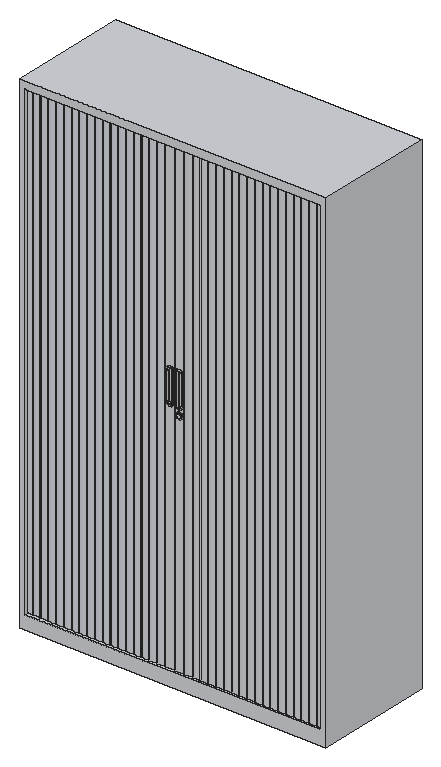
Revit family "BISLEY_SystemFile_Tambours_Double", category Furniture, Revit 2018
Family settings
  OmniClass Number = 23.40.20.00
  OmniClass Title = General Furniture and Specialties
  Work Plane-Based = No
  Always vertical = Yes
  Cut with Voids When Loaded = No
  Shared = No
  Room Calculation Point = No
Parameters (values of type "SYT12/6")
  plinth start height = -35 mm
  Width = 1200 mm
  Warranty = "10 years"  # constant formula
  Uniclass2015Version = "V1.1"  # constant formula
  Uniclass2015Title = "Shelves and Storage Units"  # constant formula
  Uniclass 2015 Code = "PR_40_30_57"  # constant formula
  URL = "www.bisley.com"
  Training Requirements for Operational Use = "N/A"  # constant formula
  Tambour array = 18
  Start door height = -35 mm
  Routine Maintenance = "We recommend you clean your unit with warm water and a mild detergent solution. A damp cloth can be used to remove dust particles."  # constant formula
  Range = "SystemFile"  # constant formula
  Plinth height = 55 mm
  Model Reference = "SYT12/6"
  Material = "Steel"  # constant formula
  Manufacturer = "Bisley"  # constant formula
  Lock bar height = Doors height  # 1808 mm
  Height = 1947 mm
  Finish = "Powder Coated"  # constant formula
  Doors height = Height - Plinth height - 13 mm - 3 mm - 3 mm - 30 mm + Start door height  # 1808 mm
  Description = "Double Tambour"  # constant formula
  Depth = 470 mm
  Compliance Standards Certification = "BS EN 14073 2004 Part 2 & 3, BS EN 14074, BS 4875 1998 Part 7 level 4 & Part 8, BS 476 Part 7 1987 Class 2Y"  # constant formula
  Category = "Furniture"  # constant formula
  Author = "Bisley"  # constant formula
Reference planes
  plane 1 "Center (Front/Back)": y = 0
  plane 2: z = 7
  plane 3 "Center (Left/Right)": x = 0
  plane 4: x = -600
  plane 5: x = 600
  plane 6: y = 235
  plane 7: y = -235
  plane 8: z = 1954
  plane 9: z = 20
  plane 10: z = 75
  plane 11: x = -580
  plane 12: x = 580
  plane 13: y = 230
  plane 14: x = 477
  plane 15: y = -215
  plane 16: z = 78
  plane 17: x = -477
  plane 18: x = 520
  plane 19: x = -520
  plane 20: y = -190
  plane 21: y = 190
  plane 22: z = 1921
  plane 23: z = 999.5
Forms (mm)
  Extrusion 1, solid
    sketch origin (0, 0, 7) x (1, 0, 0) y (0, 1, 0)
      loop
        line (-600, 235) -> (-600, -235) -> (600, -235) -> (600, 235) -> (-600, 235)
    from 13 to 1947
  Extrusion 2, void
    sketch origin (0, 0, 0) x (1, 0, 0) y (0, 0, 1)
      loop
        line (-580, 1924) -> (-580, 75) -> (580, 75) -> (580, 1924) -> (-580, 1924)
    from -230 to 235
  Extrusion 3, solid, not visible
    sketch origin (-14, 0, -11.486) x (0, 0, -1) y (0, -1, 0)
      loop
        line (-375, 215) -> (-73.486, 215) -> (-73.486, 235) -> (-323.022, 235) -> (-358, 216.402) -> (-373.358, 216.402) -> (-373.358, 233.251) -> (-358, 233.251) -> (-358, 235) -> (-375, 235) -> (-375, 215)
    from -391 to 363
  Extrusion 4, solid
    sketch origin (0, 0, 7) x (1, 0, 0) y (0, 1, 0)
      loop
        circle (520, 190) r 25
      loop
        circle (520, -190) r 25
      loop
        circle (-520, -190) r 25
      loop
        circle (-520, 190) r 25
    from 0 to 9
  Extrusion 5, solid
    sketch origin (0, 0, 7) x (1, 0, 0) y (0, 1, 0)
      loop
        circle (-520, 190) r 10
      loop
        circle (520, 190) r 10
      loop
        circle (520, -190) r 10
      loop
        circle (-520, -190) r 10
    from 9 to 13
  Extrusion 6, solid
    sketch origin (255.156, -5.624, 113) x (1, 0, 0) y (0, 1, 0)
      loop
        line (-185.435, -220.343) -> (-184.495, -218.714) -> (-191.548, -214.133) -> (-212.909, -214.133) -> (-213.846, -217.63) -> (-215.08, -219.737)
        arc (-215.08, -219.737) -> (-215.096, -220.129) -> (-214.779, -220.36) r 0.417
        arc (-214.779, -220.36) -> (-200.106, -221.403) -> (-185.435, -220.343) r 102.932
    from -35 <- "Start door height" to 1808 <- "Doors height"
  Extrusion 7, solid
    sketch origin (285.658, -5.624, 113) x (1, 0, 0) y (0, 1, 0)
      loop
        line (-185.435, -220.343) -> (-184.495, -218.714) -> (-191.548, -214.133) -> (-212.909, -214.133) -> (-213.846, -217.63) -> (-215.08, -219.737)
        arc (-215.08, -219.737) -> (-215.096, -220.129) -> (-214.779, -220.36) r 0.417
        arc (-214.779, -220.36) -> (-200.106, -221.403) -> (-185.435, -220.343) r 102.932
    from -35 <- "Start door height" to 1808 <- "Doors height"
  Extrusion 8, solid
    sketch origin (316.159, -5.624, 113) x (1, 0, 0) y (0, 1, 0)
      loop
        line (-185.435, -220.343) -> (-184.495, -218.714) -> (-191.548, -214.133) -> (-212.909, -214.133) -> (-213.846, -217.63) -> (-215.08, -219.737)
        arc (-215.08, -219.737) -> (-215.096, -220.129) -> (-214.779, -220.36) r 0.417
        arc (-214.779, -220.36) -> (-200.106, -221.403) -> (-185.435, -220.343) r 102.932
    from -35 <- "Start door height" to 1808 <- "Doors height"
  Extrusion 9, solid
    sketch origin (346.661, -5.624, 113) x (1, 0, 0) y (0, 1, 0)
      loop
        line (-185.435, -220.343) -> (-184.495, -218.714) -> (-191.548, -214.133) -> (-212.909, -214.133) -> (-213.846, -217.63) -> (-215.08, -219.737)
        arc (-215.08, -219.737) -> (-215.096, -220.129) -> (-214.779, -220.36) r 0.417
        arc (-214.779, -220.36) -> (-200.106, -221.403) -> (-185.435, -220.343) r 102.932
    from -35 <- "Start door height" to 1808 <- "Doors height"
  Extrusion 10, solid
    sketch origin (377.163, -5.624, 113) x (1, 0, 0) y (0, 1, 0)
      loop
        line (-185.435, -220.343) -> (-184.495, -218.714) -> (-191.548, -214.133) -> (-212.909, -214.133) -> (-213.846, -217.63) -> (-215.08, -219.737)
        arc (-215.08, -219.737) -> (-215.096, -220.129) -> (-214.779, -220.36) r 0.417
        arc (-214.779, -220.36) -> (-200.106, -221.403) -> (-185.435, -220.343) r 102.932
    from -35 <- "Start door height" to 1808 <- "Doors height"
  Extrusion 11, solid
    sketch origin (407.665, -5.624, 113) x (1, 0, 0) y (0, 1, 0)
      loop
        line (-185.435, -220.343) -> (-184.495, -218.714) -> (-191.548, -214.133) -> (-212.909, -214.133) -> (-213.846, -217.63) -> (-215.08, -219.737)
        arc (-215.08, -219.737) -> (-215.096, -220.129) -> (-214.779, -220.36) r 0.417
        arc (-214.779, -220.36) -> (-200.106, -221.403) -> (-185.435, -220.343) r 102.932
    from -35 <- "Start door height" to 1808 <- "Doors height"
  Extrusion 12, solid
    sketch origin (438.166, -5.624, 113) x (1, 0, 0) y (0, 1, 0)
      loop
        line (-185.435, -220.343) -> (-184.495, -218.714) -> (-191.548, -214.133) -> (-212.909, -214.133) -> (-213.846, -217.63) -> (-215.08, -219.737)
        arc (-215.08, -219.737) -> (-215.096, -220.129) -> (-214.779, -220.36) r 0.417
        arc (-214.779, -220.36) -> (-200.106, -221.403) -> (-185.435, -220.343) r 102.932
    from -35 <- "Start door height" to 1808 <- "Doors height"
  Extrusion 13, solid
    sketch origin (468.668, -5.624, 113) x (1, 0, 0) y (0, 1, 0)
      loop
        line (-185.435, -220.343) -> (-184.495, -218.714) -> (-191.548, -214.133) -> (-212.909, -214.133) -> (-213.846, -217.63) -> (-215.08, -219.737)
        arc (-215.08, -219.737) -> (-215.096, -220.129) -> (-214.779, -220.36) r 0.417
        arc (-214.779, -220.36) -> (-200.106, -221.403) -> (-185.435, -220.343) r 102.932
    from -35 <- "Start door height" to 1808 <- "Doors height"
  Extrusion 14, solid
    sketch origin (499.17, -5.624, 113) x (1, 0, 0) y (0, 1, 0)
      loop
        line (-185.435, -220.343) -> (-184.495, -218.714) -> (-191.548, -214.133) -> (-212.909, -214.133) -> (-213.846, -217.63) -> (-215.08, -219.737)
        arc (-215.08, -219.737) -> (-215.096, -220.129) -> (-214.779, -220.36) r 0.417
        arc (-214.779, -220.36) -> (-200.106, -221.403) -> (-185.435, -220.343) r 102.932
    from -35 <- "Start door height" to 1808 <- "Doors height"
  Extrusion 15, solid
    sketch origin (529.671, -5.624, 113) x (1, 0, 0) y (0, 1, 0)
      loop
        line (-185.435, -220.343) -> (-184.495, -218.714) -> (-191.548, -214.133) -> (-212.909, -214.133) -> (-213.846, -217.63) -> (-215.08, -219.737)
        arc (-215.08, -219.737) -> (-215.096, -220.129) -> (-214.779, -220.36) r 0.417
        arc (-214.779, -220.36) -> (-200.106, -221.403) -> (-185.435, -220.343) r 102.932
    from -35 <- "Start door height" to 1808 <- "Doors height"
  Extrusion 16, solid
    sketch origin (560.173, -5.624, 113) x (1, 0, 0) y (0, 1, 0)
      loop
        line (-185.435, -220.343) -> (-184.495, -218.714) -> (-191.548, -214.133) -> (-212.909, -214.133) -> (-213.846, -217.63) -> (-215.08, -219.737)
        arc (-215.08, -219.737) -> (-215.096, -220.129) -> (-214.779, -220.36) r 0.417
        arc (-214.779, -220.36) -> (-200.106, -221.403) -> (-185.435, -220.343) r 102.932
    from -35 <- "Start door height" to 1808 <- "Doors height"
  Extrusion 17, solid
    sketch origin (773.685, -5.624, 113) x (1, 0, 0) y (0, 1, 0)
      loop
        arc (-843.406, -220.343) -> (-828.735, -221.403) -> (-814.062, -220.36) r 102.932
        arc (-814.062, -220.36) -> (-813.745, -220.129) -> (-813.761, -219.737) r 0.417
        line (-813.761, -219.737) -> (-814.995, -217.63) -> (-815.932, -214.133) -> (-837.293, -214.133) -> (-844.346, -218.714) -> (-843.406, -220.343)
    from -35 <- "Start door height" to 1808 <- "Doors height"
  Extrusion 18, solid
    sketch origin (590.675, -5.624, 113) x (1, 0, 0) y (0, 1, 0)
      loop
        line (-185.435, -220.343) -> (-184.495, -218.714) -> (-191.548, -214.133) -> (-212.909, -214.133) -> (-213.846, -217.63) -> (-215.08, -219.737)
        arc (-215.08, -219.737) -> (-215.096, -220.129) -> (-214.779, -220.36) r 0.417
        arc (-214.779, -220.36) -> (-200.106, -221.403) -> (-185.435, -220.343) r 102.932
    from -35 <- "Start door height" to 1808 <- "Doors height"
  Extrusion 19, solid
    sketch origin (621.177, -5.624, 113) x (1, 0, 0) y (0, 1, 0)
      loop
        line (-185.435, -220.343) -> (-184.495, -218.714) -> (-191.548, -214.133) -> (-212.909, -214.133) -> (-213.846, -217.63) -> (-215.08, -219.737)
        arc (-215.08, -219.737) -> (-215.096, -220.129) -> (-214.779, -220.36) r 0.417
        arc (-214.779, -220.36) -> (-200.106, -221.403) -> (-185.435, -220.343) r 102.932
    from -35 <- "Start door height" to 1808 <- "Doors height"
  Extrusion 20, solid
    sketch origin (651.678, -5.624, 113) x (1, 0, 0) y (0, 1, 0)
      loop
        line (-185.435, -220.343) -> (-184.495, -218.714) -> (-191.548, -214.133) -> (-212.909, -214.133) -> (-213.846, -217.63) -> (-215.08, -219.737)
        arc (-215.08, -219.737) -> (-215.096, -220.129) -> (-214.779, -220.36) r 0.417
        arc (-214.779, -220.36) -> (-200.106, -221.403) -> (-185.435, -220.343) r 102.932
    from -35 <- "Start door height" to 1808 <- "Doors height"
  Extrusion 21, solid
    sketch origin (682.18, -5.624, 113) x (1, 0, 0) y (0, 1, 0)
      loop
        line (-185.435, -220.343) -> (-184.495, -218.714) -> (-191.548, -214.133) -> (-212.909, -214.133) -> (-213.846, -217.63) -> (-215.08, -219.737)
        arc (-215.08, -219.737) -> (-215.096, -220.129) -> (-214.779, -220.36) r 0.417
        arc (-214.779, -220.36) -> (-200.106, -221.403) -> (-185.435, -220.343) r 102.932
    from -35 <- "Start door height" to 1808 <- "Doors height"
  Extrusion 22, solid
    sketch origin (743.187, -5.624, 113) x (1, 0, 0) y (0, 1, 0)
      loop
        arc (-843.406, -220.343) -> (-828.735, -221.403) -> (-814.062, -220.36) r 102.932
        arc (-814.062, -220.36) -> (-813.745, -220.129) -> (-813.761, -219.737) r 0.417
        line (-813.761, -219.737) -> (-814.995, -217.63) -> (-815.932, -214.133) -> (-837.293, -214.133) -> (-844.346, -218.714) -> (-843.406, -220.343)
    from -35 <- "Start door height" to 1808 <- "Doors height"
  Extrusion 23, solid
    sketch origin (712.688, -5.624, 113) x (1, 0, 0) y (0, 1, 0)
      loop
        arc (-843.406, -220.343) -> (-828.735, -221.403) -> (-814.062, -220.36) r 102.932
        arc (-814.062, -220.36) -> (-813.745, -220.129) -> (-813.761, -219.737) r 0.417
        line (-813.761, -219.737) -> (-814.995, -217.63) -> (-815.932, -214.133) -> (-837.293, -214.133) -> (-844.346, -218.714) -> (-843.406, -220.343)
    from -35 <- "Start door height" to 1808 <- "Doors height"
  Extrusion 24, solid
    sketch origin (682.189, -5.624, 113) x (1, 0, 0) y (0, 1, 0)
      loop
        arc (-843.406, -220.343) -> (-828.735, -221.403) -> (-814.062, -220.36) r 102.932
        arc (-814.062, -220.36) -> (-813.745, -220.129) -> (-813.761, -219.737) r 0.417
        line (-813.761, -219.737) -> (-814.995, -217.63) -> (-815.932, -214.133) -> (-837.293, -214.133) -> (-844.346, -218.714) -> (-843.406, -220.343)
    from -35 <- "Start door height" to 1808 <- "Doors height"
  Extrusion 25, solid
    sketch origin (651.691, -5.624, 113) x (1, 0, 0) y (0, 1, 0)
      loop
        arc (-843.406, -220.343) -> (-828.735, -221.403) -> (-814.062, -220.36) r 102.932
        arc (-814.062, -220.36) -> (-813.745, -220.129) -> (-813.761, -219.737) r 0.417
        line (-813.761, -219.737) -> (-814.995, -217.63) -> (-815.932, -214.133) -> (-837.293, -214.133) -> (-844.346, -218.714) -> (-843.406, -220.343)
    from -35 <- "Start door height" to 1808 <- "Doors height"
  Extrusion 26, solid
    sketch origin (621.192, -5.624, 113) x (1, 0, 0) y (0, 1, 0)
      loop
        arc (-843.406, -220.343) -> (-828.735, -221.403) -> (-814.062, -220.36) r 102.932
        arc (-814.062, -220.36) -> (-813.745, -220.129) -> (-813.761, -219.737) r 0.417
        line (-813.761, -219.737) -> (-814.995, -217.63) -> (-815.932, -214.133) -> (-837.293, -214.133) -> (-844.346, -218.714) -> (-843.406, -220.343)
    from -35 <- "Start door height" to 1808 <- "Doors height"
  Extrusion 27, solid
    sketch origin (590.693, -5.624, 113) x (1, 0, 0) y (0, 1, 0)
      loop
        arc (-843.406, -220.343) -> (-828.735, -221.403) -> (-814.062, -220.36) r 102.932
        arc (-814.062, -220.36) -> (-813.745, -220.129) -> (-813.761, -219.737) r 0.417
        line (-813.761, -219.737) -> (-814.995, -217.63) -> (-815.932, -214.133) -> (-837.293, -214.133) -> (-844.346, -218.714) -> (-843.406, -220.343)
    from -35 <- "Start door height" to 1808 <- "Doors height"
  Extrusion 28, solid
    sketch origin (560.195, -5.624, 113) x (1, 0, 0) y (0, 1, 0)
      loop
        arc (-843.406, -220.343) -> (-828.735, -221.403) -> (-814.062, -220.36) r 102.932
        arc (-814.062, -220.36) -> (-813.745, -220.129) -> (-813.761, -219.737) r 0.417
        line (-813.761, -219.737) -> (-814.995, -217.63) -> (-815.932, -214.133) -> (-837.293, -214.133) -> (-844.346, -218.714) -> (-843.406, -220.343)
    from -35 <- "Start door height" to 1808 <- "Doors height"
  Extrusion 29, solid
    sketch origin (529.696, -5.624, 113) x (1, 0, 0) y (0, 1, 0)
      loop
        arc (-843.406, -220.343) -> (-828.735, -221.403) -> (-814.062, -220.36) r 102.932
        arc (-814.062, -220.36) -> (-813.745, -220.129) -> (-813.761, -219.737) r 0.417
        line (-813.761, -219.737) -> (-814.995, -217.63) -> (-815.932, -214.133) -> (-837.293, -214.133) -> (-844.346, -218.714) -> (-843.406, -220.343)
    from -35 <- "Start door height" to 1808 <- "Doors height"
  Extrusion 30, solid
    sketch origin (499.198, -5.624, 113) x (1, 0, 0) y (0, 1, 0)
      loop
        arc (-843.406, -220.343) -> (-828.735, -221.403) -> (-814.062, -220.36) r 102.932
        arc (-814.062, -220.36) -> (-813.745, -220.129) -> (-813.761, -219.737) r 0.417
        line (-813.761, -219.737) -> (-814.995, -217.63) -> (-815.932, -214.133) -> (-837.293, -214.133) -> (-844.346, -218.714) -> (-843.406, -220.343)
    from -35 <- "Start door height" to 1808 <- "Doors height"
  Extrusion 31, solid
    sketch origin (468.699, -5.624, 113) x (1, 0, 0) y (0, 1, 0)
      loop
        arc (-843.406, -220.343) -> (-828.735, -221.403) -> (-814.062, -220.36) r 102.932
        arc (-814.062, -220.36) -> (-813.745, -220.129) -> (-813.761, -219.737) r 0.417
        line (-813.761, -219.737) -> (-814.995, -217.63) -> (-815.932, -214.133) -> (-837.293, -214.133) -> (-844.346, -218.714) -> (-843.406, -220.343)
    from -35 <- "Start door height" to 1808 <- "Doors height"
  Extrusion 32, solid
    sketch origin (438.2, -5.624, 113) x (1, 0, 0) y (0, 1, 0)
      loop
        arc (-843.406, -220.343) -> (-828.735, -221.403) -> (-814.062, -220.36) r 102.932
        arc (-814.062, -220.36) -> (-813.745, -220.129) -> (-813.761, -219.737) r 0.417
        line (-813.761, -219.737) -> (-814.995, -217.63) -> (-815.932, -214.133) -> (-837.293, -214.133) -> (-844.346, -218.714) -> (-843.406, -220.343)
    from -35 <- "Start door height" to 1808 <- "Doors height"
  Extrusion 33, solid
    sketch origin (407.702, -5.624, 113) x (1, 0, 0) y (0, 1, 0)
      loop
        arc (-843.406, -220.343) -> (-828.735, -221.403) -> (-814.062, -220.36) r 102.932
        arc (-814.062, -220.36) -> (-813.745, -220.129) -> (-813.761, -219.737) r 0.417
        line (-813.761, -219.737) -> (-814.995, -217.63) -> (-815.932, -214.133) -> (-837.293, -214.133) -> (-844.346, -218.714) -> (-843.406, -220.343)
    from -35 <- "Start door height" to 1808 <- "Doors height"
  Extrusion 34, solid
    sketch origin (377.203, -5.624, 113) x (1, 0, 0) y (0, 1, 0)
      loop
        arc (-843.406, -220.343) -> (-828.735, -221.403) -> (-814.062, -220.36) r 102.932
        arc (-814.062, -220.36) -> (-813.745, -220.129) -> (-813.761, -219.737) r 0.417
        line (-813.761, -219.737) -> (-814.995, -217.63) -> (-815.932, -214.133) -> (-837.293, -214.133) -> (-844.346, -218.714) -> (-843.406, -220.343)
    from -35 <- "Start door height" to 1808 <- "Doors height"
  Extrusion 35, solid
    sketch origin (346.704, -5.624, 113) x (1, 0, 0) y (0, 1, 0)
      loop
        arc (-843.406, -220.343) -> (-828.735, -221.403) -> (-814.062, -220.36) r 102.932
        arc (-814.062, -220.36) -> (-813.745, -220.129) -> (-813.761, -219.737) r 0.417
        line (-813.761, -219.737) -> (-814.995, -217.63) -> (-815.932, -214.133) -> (-837.293, -214.133) -> (-844.346, -218.714) -> (-843.406, -220.343)
    from -35 <- "Start door height" to 1808 <- "Doors height"
  Extrusion 36, solid
    sketch origin (380.425, -1.868, 0) x (1, 0, 0) y (0, 0, 1)
      loop
        line (-370.815, 1136.987) -> (-370.815, 1007.987)
        arc (-370.815, 1007.987) -> (-357.082, 1007.766) -> (-350.816, 1019.987) r 12.999
        line (-350.816, 1019.987) -> (-350.816, 1124.987)
        arc (-350.816, 1124.987) -> (-357.082, 1137.209) -> (-370.815, 1136.987) r 12.999
      loop
        line (-374.315, 1138.752) -> (-374.315, 1006.222)
        arc (-374.315, 1006.222) -> (-356.217, 1004.243) -> (-347.316, 1020.124) r 16.499
        line (-347.316, 1020.124) -> (-347.316, 1124.851)
        arc (-347.316, 1124.851) -> (-356.217, 1140.731) -> (-374.315, 1138.752) r 16.499
    from 223.676 to 225.656
  Extrusion 37, solid
    sketch origin (265.813, -137.499, 113) x (1, 0, 0) y (0, 1, 0)
      loop
        line (-264.891, -77.42) -> (-264.891, -88.413)
        arc (-264.891, -88.413) -> (-247.106, -88.948) -> (-229.322, -88.413) r 295.901
        line (-229.322, -88.413) -> (-229.322, -77.42) -> (-264.891, -77.42)
    from -35 <- "plinth start height" to 1808 <- "Lock bar height"
  Extrusion 38, void
    sketch origin (380.424, -0.991, 0) x (1, 0, 0) y (0, 0, 1)
      loop
        arc (-370.815, 1007.987) -> (-357.082, 1007.766) -> (-350.815, 1019.987) r 13
        line (-350.815, 1019.987) -> (-350.815, 1124.987)
        arc (-350.815, 1124.987) -> (-357.082, 1137.209) -> (-370.815, 1136.987) r 13
        line (-370.815, 1136.987) -> (-370.815, 1007.987)
    from 217.254 to 225.895
  Extrusion 39, solid
    sketch origin (-380.425, -1.868, 0) x (-1, 0, 0) y (0, 0, -1)
      loop
        arc (-370.815, -1136.987) -> (-357.082, -1137.209) -> (-350.816, -1124.987) r 12.999
        line (-350.816, -1124.987) -> (-350.816, -1019.987)
        arc (-350.816, -1019.987) -> (-357.082, -1007.766) -> (-370.815, -1007.987) r 12.999
        line (-370.815, -1007.987) -> (-370.815, -1136.987)
      loop
        arc (-374.315, -1138.752) -> (-356.217, -1140.731) -> (-347.316, -1124.851) r 16.499
        line (-347.316, -1124.851) -> (-347.316, -1020.124)
        arc (-347.316, -1020.124) -> (-356.217, -1004.243) -> (-374.315, -1006.222) r 16.499
        line (-374.315, -1006.222) -> (-374.315, -1138.752)
    from 223.676 to 225.656
  Extrusion 40, solid
    sketch origin (-265.813, -137.499, 113) x (-1, 0, 0) y (0, -1, 0)
      loop
        line (-264.891, 77.42) -> (-229.322, 77.42) -> (-229.322, 88.413)
        arc (-229.322, 88.413) -> (-247.106, 88.948) -> (-264.891, 88.413) r 295.901
        line (-264.891, 88.413) -> (-264.891, 77.42)
    from -35 <- "plinth start height" to 1808 <- "Lock bar height"
  Extrusion 41, void
    sketch origin (-380.424, -0.991, 0) x (-1, 0, 0) y (0, 0, -1)
      loop
        line (-370.815, -1007.987) -> (-370.815, -1136.987)
        arc (-370.815, -1136.987) -> (-357.082, -1137.209) -> (-350.815, -1124.987) r 13
        line (-350.815, -1124.987) -> (-350.815, -1019.987)
        arc (-350.815, -1019.987) -> (-357.082, -1007.766) -> (-370.815, -1007.987) r 13
    from 217.254 to 225.895
  Extrusion 42, solid
    sketch origin (0, 0, 0) x (1, 0, 0) y (0, 0, 1)
      loop
        circle (18.863, 980.703) r 12
    from 225.012 to 227.524
  Extrusion 43, solid
    sketch origin (0, 0, 0) x (1, 0, 0) y (0, 0, 1)
      loop
        circle (18.863, 980.703) r 7.7
    from 227.524 to 228.641
  Extrusion 44, solid
    sketch origin (712.682, -5.624, 113) x (1, 0, 0) y (0, 1, 0)
      loop
        line (-185.435, -220.343) -> (-184.495, -218.714) -> (-191.548, -214.133) -> (-212.909, -214.133) -> (-213.846, -217.63) -> (-215.08, -219.737)
        arc (-215.08, -219.737) -> (-215.096, -220.129) -> (-214.779, -220.36) r 0.417
        arc (-214.779, -220.36) -> (-200.106, -221.403) -> (-185.435, -220.343) r 102.932
    from -35 <- "Start door height" to 1808 <- "Doors height"
  Extrusion 45, solid
    sketch origin (743.183, -5.624, 113) x (1, 0, 0) y (0, 1, 0)
      loop
        line (-185.435, -220.343) -> (-184.495, -218.714) -> (-191.548, -214.133) -> (-212.909, -214.133) -> (-213.846, -217.63) -> (-215.08, -219.737)
        arc (-215.08, -219.737) -> (-215.096, -220.129) -> (-214.779, -220.36) r 0.417
        arc (-214.779, -220.36) -> (-200.106, -221.403) -> (-185.435, -220.343) r 102.932
    from -35 <- "Start door height" to 1808 <- "Doors height"
  Extrusion 46, solid
    sketch origin (773.685, -5.624, 113) x (1, 0, 0) y (0, 1, 0)
      loop
        line (-185.435, -220.343) -> (-184.495, -218.714) -> (-191.548, -214.133) -> (-212.909, -214.133) -> (-213.846, -217.63) -> (-215.08, -219.737)
        arc (-215.08, -219.737) -> (-215.096, -220.129) -> (-214.779, -220.36) r 0.417
        arc (-214.779, -220.36) -> (-200.106, -221.403) -> (-185.435, -220.343) r 102.932
    from -35 <- "Start door height" to 1808 <- "Doors height"
  Extrusion 47, solid
    sketch origin (316.206, -5.624, 113) x (1, 0, 0) y (0, 1, 0)
      loop
        arc (-843.406, -220.343) -> (-828.735, -221.403) -> (-814.062, -220.36) r 102.932
        arc (-814.062, -220.36) -> (-813.745, -220.129) -> (-813.761, -219.737) r 0.417
        line (-813.761, -219.737) -> (-814.995, -217.63) -> (-815.932, -214.133) -> (-837.293, -214.133) -> (-844.346, -218.714) -> (-843.406, -220.343)
    from -35 <- "Start door height" to 1808 <- "Doors height"
  Extrusion 48, solid
    sketch origin (285.707, -5.624, 113) x (1, 0, 0) y (0, 1, 0)
      loop
        arc (-843.406, -220.343) -> (-828.735, -221.403) -> (-814.062, -220.36) r 102.932
        arc (-814.062, -220.36) -> (-813.745, -220.129) -> (-813.761, -219.737) r 0.417
        line (-813.761, -219.737) -> (-814.995, -217.63) -> (-815.932, -214.133) -> (-837.293, -214.133) -> (-844.346, -218.714) -> (-843.406, -220.343)
    from -35 <- "Start door height" to 1808 <- "Doors height"
  Extrusion 49, solid
    sketch origin (255.209, -5.624, 113) x (1, 0, 0) y (0, 1, 0)
      loop
        arc (-843.406, -220.343) -> (-828.735, -221.403) -> (-814.062, -220.36) r 102.932
        arc (-814.062, -220.36) -> (-813.745, -220.129) -> (-813.761, -219.737) r 0.417
        line (-813.761, -219.737) -> (-814.995, -217.63) -> (-815.932, -214.133) -> (-837.293, -214.133) -> (-844.346, -218.714) -> (-843.406, -220.343)
    from -35 <- "Start door height" to 1808 <- "Doors height"
Cuts and joins
  Extrusion 2 cuts Extrusion 1
  Extrusion 38 cuts Extrusion 31
  Extrusion 41 cuts Extrusion 36
  Extrusion 41 cuts Extrusion 40
  Extrusion 38, Extrusion 41 cuts Extrusion 37
Dimensions and locks
  equal spacing: plane 4, plane 3 "Center (Left/Right)", plane 5
  "Width": plane 4 to plane 5
  "Depth": plane 6 to plane 7
  plane 9 to level = 13 mm
  "Plinth height": plane 10 to plane 9
  locked: plane 11 to plane 4 at 20
  locked: plane 5 to plane 12 at 20
  "Height": plane 8 to level
  locked: plane 13 to plane 6 at 5
  plane 3 "Center (Left/Right)" to plane 14 = 477 mm
  locked: plane 15 to cut or joined group of Extrusion 1, Extrusion 2 at 20
  plane 20 to plane 7 = 45 mm
  plane 6 to plane 21 = 45 mm
  equal spacing: plane 14, plane 3 "Center (Left/Right)", plane 17
  cut or joined group of Extrusion 1, Extrusion 2 to plane 17 = 103 mm
  level to cut or joined group of Extrusion 1, Extrusion 2 = 13 mm
  locked: cut or joined group of Extrusion 1, Extrusion 2 to cut or joined group of Extrusion 1, Extrusion 2 at 30
  equal spacing: group 2, group 3, group 4, group 5, group 6, group 7, group 8, group 9, group 10, group 11, group 12, group 13, group 14, group 15, group 16, group 32, group 33, group 34  (x3)
  plane 8 to plane 9 = 1934 mm
  locked: plane 7 to plane 1 "Center (Front/Back)" at 235
  locked: plane 16 to plane 10 at 3
  equal spacing: group 37, group 36, group 35, group 31, group 30, group 29, group 28, group 27, group 26, group 25, group 24, group 23, group 22, group 21, group 20, group 19, group 18, group 17
  equal spacing: group 17, group 18, group 19, group 20, group 21, group 22, group 23, group 24, group 25, group 26, group 27, group 28, group 29, group 30, group 31, group 35, group 36, group 37  (x2)
  locked: plane 8 to plane 22 at 33
  equal spacing: plane 22, plane 23, plane 16
  locked: plane 11 to plane 19 at 60
  locked: plane 18 to plane 12 at 60
  aligned and locked: level to plane 2
  aligned and locked: Extrusion 1 sketch curve to plane 6
  aligned and locked: plane 4 to Extrusion 1 sketch curve
  aligned and locked: plane 7 to Extrusion 1 sketch curve
  aligned and locked: Extrusion 1 sketch curve to plane 5
  aligned and locked: Extrusion 1 to plane 9
  aligned and locked: plane 8 to Extrusion 1
  aligned and locked: plane 11 to Extrusion 2 sketch curve
  aligned and locked: Extrusion 2 sketch curve to plane 10
  aligned and locked: Extrusion 2 sketch curve to plane 12
  aligned and locked: Extrusion 2 to plane 7
  aligned and locked: Extrusion 2 to plane 13
  aligned and locked: cut or joined group of Extrusion 1, Extrusion 2 to plane 11
  aligned and locked: plane 12 to cut or joined group of Extrusion 1, Extrusion 2
Automatic sketch dimensions
  Extrusion 3 sketch curve to Extrusion 3 sketch curve = 1.642 mm
  Extrusion 3 sketch curve to Extrusion 3 sketch curve = 15.358 mm  (x2)
  Extrusion 3 sketch curve to Extrusion 3 sketch curve = 34.978 mm
  Extrusion 3 sketch curve to Extrusion 3 sketch curve = 249.536 mm
  Extrusion 3 sketch curve to Extrusion 3 sketch curve = 1.402 mm
  Extrusion 3 sketch curve to Extrusion 3 sketch curve = 16.849 mm
  Extrusion 3 sketch curve to Extrusion 3 sketch curve = 1.749 mm
  Extrusion 3 sketch curve to Extrusion 3 sketch curve = 0 mm
  Extrusion 6 sketch curve to Extrusion 6 sketch curve = 0.36 mm
  Extrusion 6 sketch curve to Extrusion 6 sketch curve = 1.234 mm
  Extrusion 6 sketch curve to Extrusion 6 sketch curve = 0.937 mm
  Extrusion 6 sketch curve to Extrusion 6 sketch curve = 0.94 mm
  Extrusion 6 sketch curve to Extrusion 6 sketch curve = 0.211 mm
  Extrusion 6 sketch curve to Extrusion 6 sketch curve = 6.209 mm
  Extrusion 6 sketch curve to Extrusion 6 sketch curve = 1.629 mm
  Extrusion 6 sketch curve to Extrusion 6 sketch curve = 12.741 mm
  Extrusion 6 sketch curve to Extrusion 6 sketch curve = 21.361 mm
  Extrusion 6 sketch curve to Extrusion 6 sketch curve = 6.113 mm
  Extrusion 6 sketch curve to Extrusion 6 sketch curve = 5.814 mm
  Extrusion 6 sketch curve to Extrusion 6 sketch curve = 2.107 mm
  Extrusion 6 sketch curve to Extrusion 6 sketch curve = 95.662 mm
  Extrusion 7 sketch curve to Extrusion 7 sketch curve = 0.36 mm
  Extrusion 7 sketch curve to Extrusion 7 sketch curve = 1.234 mm
  Extrusion 7 sketch curve to Extrusion 7 sketch curve = 0.937 mm
  Extrusion 7 sketch curve to Extrusion 7 sketch curve = 0.94 mm
  Extrusion 7 sketch curve to Extrusion 7 sketch curve = 0.211 mm
  Extrusion 7 sketch curve to Extrusion 7 sketch curve = 6.209 mm
  Extrusion 7 sketch curve to Extrusion 7 sketch curve = 1.629 mm
  Extrusion 7 sketch curve to Extrusion 7 sketch curve = 12.741 mm
  Extrusion 7 sketch curve to Extrusion 7 sketch curve = 21.361 mm
  Extrusion 7 sketch curve to Extrusion 7 sketch curve = 6.113 mm
  Extrusion 7 sketch curve to Extrusion 7 sketch curve = 5.814 mm
  Extrusion 7 sketch curve to Extrusion 7 sketch curve = 2.107 mm
  Extrusion 7 sketch curve to Extrusion 7 sketch curve = 95.662 mm
  Extrusion 8 sketch curve to Extrusion 8 sketch curve = 0.36 mm
  Extrusion 8 sketch curve to Extrusion 8 sketch curve = 1.234 mm
  Extrusion 8 sketch curve to Extrusion 8 sketch curve = 0.937 mm
  Extrusion 8 sketch curve to Extrusion 8 sketch curve = 0.94 mm
  Extrusion 8 sketch curve to Extrusion 8 sketch curve = 0.211 mm
  Extrusion 8 sketch curve to Extrusion 8 sketch curve = 6.209 mm
  Extrusion 8 sketch curve to Extrusion 8 sketch curve = 1.629 mm
  Extrusion 8 sketch curve to Extrusion 8 sketch curve = 12.741 mm
  Extrusion 8 sketch curve to Extrusion 8 sketch curve = 21.361 mm
  Extrusion 8 sketch curve to Extrusion 8 sketch curve = 6.113 mm
  Extrusion 8 sketch curve to Extrusion 8 sketch curve = 5.814 mm
  Extrusion 8 sketch curve to Extrusion 8 sketch curve = 2.107 mm
  Extrusion 8 sketch curve to Extrusion 8 sketch curve = 95.662 mm
  Extrusion 9 sketch curve to Extrusion 9 sketch curve = 0.36 mm
  Extrusion 9 sketch curve to Extrusion 9 sketch curve = 1.234 mm
  Extrusion 9 sketch curve to Extrusion 9 sketch curve = 0.937 mm
  Extrusion 9 sketch curve to Extrusion 9 sketch curve = 0.94 mm
  Extrusion 9 sketch curve to Extrusion 9 sketch curve = 0.211 mm
  Extrusion 9 sketch curve to Extrusion 9 sketch curve = 6.209 mm
  Extrusion 9 sketch curve to Extrusion 9 sketch curve = 1.629 mm
  Extrusion 9 sketch curve to Extrusion 9 sketch curve = 12.741 mm
  Extrusion 9 sketch curve to Extrusion 9 sketch curve = 21.361 mm
  Extrusion 9 sketch curve to Extrusion 9 sketch curve = 6.113 mm
  Extrusion 9 sketch curve to Extrusion 9 sketch curve = 5.814 mm
  Extrusion 9 sketch curve to Extrusion 9 sketch curve = 2.107 mm
  Extrusion 9 sketch curve to Extrusion 9 sketch curve = 95.662 mm
  Extrusion 10 sketch curve to Extrusion 10 sketch curve = 0.36 mm
  Extrusion 10 sketch curve to Extrusion 10 sketch curve = 1.234 mm
  Extrusion 10 sketch curve to Extrusion 10 sketch curve = 0.937 mm
  Extrusion 10 sketch curve to Extrusion 10 sketch curve = 0.94 mm
  Extrusion 10 sketch curve to Extrusion 10 sketch curve = 0.211 mm
  Extrusion 10 sketch curve to Extrusion 10 sketch curve = 6.209 mm
  Extrusion 10 sketch curve to Extrusion 10 sketch curve = 1.629 mm
  Extrusion 10 sketch curve to Extrusion 10 sketch curve = 12.741 mm
  Extrusion 10 sketch curve to Extrusion 10 sketch curve = 21.361 mm
  Extrusion 10 sketch curve to Extrusion 10 sketch curve = 6.113 mm
  Extrusion 10 sketch curve to Extrusion 10 sketch curve = 5.814 mm
  Extrusion 10 sketch curve to Extrusion 10 sketch curve = 2.107 mm
  Extrusion 10 sketch curve to Extrusion 10 sketch curve = 95.662 mm
  Extrusion 11 sketch curve to Extrusion 11 sketch curve = 0.36 mm
  Extrusion 11 sketch curve to Extrusion 11 sketch curve = 1.234 mm
  Extrusion 11 sketch curve to Extrusion 11 sketch curve = 0.937 mm
  Extrusion 11 sketch curve to Extrusion 11 sketch curve = 0.94 mm
  Extrusion 11 sketch curve to Extrusion 11 sketch curve = 0.211 mm
  Extrusion 11 sketch curve to Extrusion 11 sketch curve = 6.209 mm
  Extrusion 11 sketch curve to Extrusion 11 sketch curve = 1.629 mm
  Extrusion 11 sketch curve to Extrusion 11 sketch curve = 12.741 mm
  Extrusion 11 sketch curve to Extrusion 11 sketch curve = 21.361 mm
  Extrusion 11 sketch curve to Extrusion 11 sketch curve = 6.113 mm
  Extrusion 11 sketch curve to Extrusion 11 sketch curve = 5.814 mm
  Extrusion 11 sketch curve to Extrusion 11 sketch curve = 2.107 mm
  Extrusion 11 sketch curve to Extrusion 11 sketch curve = 95.662 mm
  Extrusion 12 sketch curve to Extrusion 12 sketch curve = 0.36 mm
  Extrusion 12 sketch curve to Extrusion 12 sketch curve = 1.234 mm
  Extrusion 12 sketch curve to Extrusion 12 sketch curve = 0.937 mm
  Extrusion 12 sketch curve to Extrusion 12 sketch curve = 0.94 mm
  Extrusion 12 sketch curve to Extrusion 12 sketch curve = 0.211 mm
  Extrusion 12 sketch curve to Extrusion 12 sketch curve = 6.209 mm
  Extrusion 12 sketch curve to Extrusion 12 sketch curve = 1.629 mm
  Extrusion 12 sketch curve to Extrusion 12 sketch curve = 12.741 mm
  Extrusion 12 sketch curve to Extrusion 12 sketch curve = 21.361 mm
  Extrusion 12 sketch curve to Extrusion 12 sketch curve = 6.113 mm
  Extrusion 12 sketch curve to Extrusion 12 sketch curve = 5.814 mm
  Extrusion 12 sketch curve to Extrusion 12 sketch curve = 2.107 mm
  Extrusion 12 sketch curve to Extrusion 12 sketch curve = 95.662 mm
  Extrusion 13 sketch curve to Extrusion 13 sketch curve = 0.36 mm
  Extrusion 13 sketch curve to Extrusion 13 sketch curve = 1.234 mm
  Extrusion 13 sketch curve to Extrusion 13 sketch curve = 0.937 mm
  Extrusion 13 sketch curve to Extrusion 13 sketch curve = 0.94 mm
  Extrusion 13 sketch curve to Extrusion 13 sketch curve = 0.211 mm
  Extrusion 13 sketch curve to Extrusion 13 sketch curve = 6.209 mm
  Extrusion 13 sketch curve to Extrusion 13 sketch curve = 1.629 mm
  Extrusion 13 sketch curve to Extrusion 13 sketch curve = 12.741 mm
  Extrusion 13 sketch curve to Extrusion 13 sketch curve = 21.361 mm
  Extrusion 13 sketch curve to Extrusion 13 sketch curve = 6.113 mm
  Extrusion 13 sketch curve to Extrusion 13 sketch curve = 5.814 mm
  Extrusion 13 sketch curve to Extrusion 13 sketch curve = 2.107 mm
  Extrusion 13 sketch curve to Extrusion 13 sketch curve = 95.662 mm
  Extrusion 14 sketch curve to Extrusion 14 sketch curve = 0.36 mm
  Extrusion 14 sketch curve to Extrusion 14 sketch curve = 1.234 mm
  Extrusion 14 sketch curve to Extrusion 14 sketch curve = 0.937 mm
  Extrusion 14 sketch curve to Extrusion 14 sketch curve = 0.94 mm
  Extrusion 14 sketch curve to Extrusion 14 sketch curve = 0.211 mm
  Extrusion 14 sketch curve to Extrusion 14 sketch curve = 6.209 mm
  Extrusion 14 sketch curve to Extrusion 14 sketch curve = 1.629 mm
  Extrusion 14 sketch curve to Extrusion 14 sketch curve = 12.741 mm
  Extrusion 14 sketch curve to Extrusion 14 sketch curve = 21.361 mm
  Extrusion 14 sketch curve to Extrusion 14 sketch curve = 6.113 mm
  Extrusion 14 sketch curve to Extrusion 14 sketch curve = 5.814 mm
  Extrusion 14 sketch curve to Extrusion 14 sketch curve = 2.107 mm
  Extrusion 14 sketch curve to Extrusion 14 sketch curve = 95.662 mm
  Extrusion 15 sketch curve to Extrusion 15 sketch curve = 0.36 mm
  Extrusion 15 sketch curve to Extrusion 15 sketch curve = 1.234 mm
  Extrusion 15 sketch curve to Extrusion 15 sketch curve = 0.937 mm
  Extrusion 15 sketch curve to Extrusion 15 sketch curve = 0.94 mm
  Extrusion 15 sketch curve to Extrusion 15 sketch curve = 0.211 mm
  Extrusion 15 sketch curve to Extrusion 15 sketch curve = 6.209 mm
  Extrusion 15 sketch curve to Extrusion 15 sketch curve = 1.629 mm
  Extrusion 15 sketch curve to Extrusion 15 sketch curve = 12.741 mm
  Extrusion 15 sketch curve to Extrusion 15 sketch curve = 21.361 mm
  Extrusion 15 sketch curve to Extrusion 15 sketch curve = 6.113 mm
  Extrusion 15 sketch curve to Extrusion 15 sketch curve = 5.814 mm
  Extrusion 15 sketch curve to Extrusion 15 sketch curve = 2.107 mm
  Extrusion 15 sketch curve to Extrusion 15 sketch curve = 95.662 mm
  Extrusion 16 sketch curve to Extrusion 16 sketch curve = 0.36 mm
  Extrusion 16 sketch curve to Extrusion 16 sketch curve = 1.234 mm
  Extrusion 16 sketch curve to Extrusion 16 sketch curve = 0.937 mm
  Extrusion 16 sketch curve to Extrusion 16 sketch curve = 0.94 mm
  Extrusion 16 sketch curve to Extrusion 16 sketch curve = 0.211 mm
  Extrusion 16 sketch curve to Extrusion 16 sketch curve = 6.209 mm
  Extrusion 16 sketch curve to Extrusion 16 sketch curve = 1.629 mm
  Extrusion 16 sketch curve to Extrusion 16 sketch curve = 12.741 mm
  Extrusion 16 sketch curve to Extrusion 16 sketch curve = 21.361 mm
  Extrusion 16 sketch curve to Extrusion 16 sketch curve = 6.113 mm
  Extrusion 16 sketch curve to Extrusion 16 sketch curve = 5.814 mm
  Extrusion 16 sketch curve to Extrusion 16 sketch curve = 2.107 mm
  Extrusion 16 sketch curve to Extrusion 16 sketch curve = 95.662 mm
  Extrusion 17 sketch curve to Extrusion 17 sketch curve = 0.36 mm
  Extrusion 17 sketch curve to Extrusion 17 sketch curve = 1.234 mm
  Extrusion 17 sketch curve to Extrusion 17 sketch curve = 0.937 mm
  Extrusion 17 sketch curve to Extrusion 17 sketch curve = 0.94 mm
  Extrusion 17 sketch curve to Extrusion 17 sketch curve = 0.211 mm
  Extrusion 17 sketch curve to Extrusion 17 sketch curve = 6.209 mm
  Extrusion 17 sketch curve to Extrusion 17 sketch curve = 1.629 mm
  Extrusion 17 sketch curve to Extrusion 17 sketch curve = 12.741 mm
  Extrusion 17 sketch curve to Extrusion 17 sketch curve = 21.361 mm
  Extrusion 17 sketch curve to Extrusion 17 sketch curve = 6.113 mm
  Extrusion 17 sketch curve to Extrusion 17 sketch curve = 5.814 mm
  Extrusion 17 sketch curve to Extrusion 17 sketch curve = 2.107 mm
  Extrusion 17 sketch curve to Extrusion 17 sketch curve = 95.662 mm
  Extrusion 18 sketch curve to Extrusion 18 sketch curve = 0.36 mm
  Extrusion 18 sketch curve to Extrusion 18 sketch curve = 1.234 mm
  Extrusion 18 sketch curve to Extrusion 18 sketch curve = 0.937 mm
  Extrusion 18 sketch curve to Extrusion 18 sketch curve = 0.94 mm
  Extrusion 18 sketch curve to Extrusion 18 sketch curve = 0.211 mm
  Extrusion 18 sketch curve to Extrusion 18 sketch curve = 6.209 mm
  Extrusion 18 sketch curve to Extrusion 18 sketch curve = 1.629 mm
  Extrusion 18 sketch curve to Extrusion 18 sketch curve = 12.741 mm
  Extrusion 18 sketch curve to Extrusion 18 sketch curve = 21.361 mm
  Extrusion 18 sketch curve to Extrusion 18 sketch curve = 6.113 mm
  Extrusion 18 sketch curve to Extrusion 18 sketch curve = 5.814 mm
  Extrusion 18 sketch curve to Extrusion 18 sketch curve = 2.107 mm
  Extrusion 18 sketch curve to Extrusion 18 sketch curve = 95.662 mm
  Extrusion 19 sketch curve to Extrusion 19 sketch curve = 0.36 mm
  Extrusion 19 sketch curve to Extrusion 19 sketch curve = 1.234 mm
  Extrusion 19 sketch curve to Extrusion 19 sketch curve = 0.937 mm
  Extrusion 19 sketch curve to Extrusion 19 sketch curve = 0.94 mm
  Extrusion 19 sketch curve to Extrusion 19 sketch curve = 0.211 mm
  Extrusion 19 sketch curve to Extrusion 19 sketch curve = 6.209 mm
  Extrusion 19 sketch curve to Extrusion 19 sketch curve = 1.629 mm
  Extrusion 19 sketch curve to Extrusion 19 sketch curve = 12.741 mm
  Extrusion 19 sketch curve to Extrusion 19 sketch curve = 21.361 mm
  Extrusion 19 sketch curve to Extrusion 19 sketch curve = 6.113 mm
  Extrusion 19 sketch curve to Extrusion 19 sketch curve = 5.814 mm
  Extrusion 19 sketch curve to Extrusion 19 sketch curve = 2.107 mm
  Extrusion 19 sketch curve to Extrusion 19 sketch curve = 95.662 mm
  Extrusion 20 sketch curve to Extrusion 20 sketch curve = 0.36 mm
  Extrusion 20 sketch curve to Extrusion 20 sketch curve = 1.234 mm
  Extrusion 20 sketch curve to Extrusion 20 sketch curve = 0.937 mm
  Extrusion 20 sketch curve to Extrusion 20 sketch curve = 0.94 mm
  Extrusion 20 sketch curve to Extrusion 20 sketch curve = 0.211 mm
  Extrusion 20 sketch curve to Extrusion 20 sketch curve = 6.209 mm
  Extrusion 20 sketch curve to Extrusion 20 sketch curve = 1.629 mm
  Extrusion 20 sketch curve to Extrusion 20 sketch curve = 12.741 mm
  Extrusion 20 sketch curve to Extrusion 20 sketch curve = 21.361 mm
  Extrusion 20 sketch curve to Extrusion 20 sketch curve = 6.113 mm
  Extrusion 20 sketch curve to Extrusion 20 sketch curve = 5.814 mm
  Extrusion 20 sketch curve to Extrusion 20 sketch curve = 2.107 mm
  Extrusion 20 sketch curve to Extrusion 20 sketch curve = 95.662 mm
  Extrusion 21 sketch curve to Extrusion 21 sketch curve = 0.36 mm
  Extrusion 21 sketch curve to Extrusion 21 sketch curve = 1.234 mm
  Extrusion 21 sketch curve to Extrusion 21 sketch curve = 0.937 mm
  Extrusion 21 sketch curve to Extrusion 21 sketch curve = 0.94 mm
  Extrusion 21 sketch curve to Extrusion 21 sketch curve = 0.211 mm
  Extrusion 21 sketch curve to Extrusion 21 sketch curve = 6.209 mm
  Extrusion 21 sketch curve to Extrusion 21 sketch curve = 1.629 mm
  Extrusion 21 sketch curve to Extrusion 21 sketch curve = 12.741 mm
  Extrusion 21 sketch curve to Extrusion 21 sketch curve = 21.361 mm
  Extrusion 21 sketch curve to Extrusion 21 sketch curve = 6.113 mm
  Extrusion 21 sketch curve to Extrusion 21 sketch curve = 5.814 mm
  Extrusion 21 sketch curve to Extrusion 21 sketch curve = 2.107 mm
  Extrusion 21 sketch curve to Extrusion 21 sketch curve = 95.662 mm
  Extrusion 22 sketch curve to Extrusion 22 sketch curve = 0.36 mm
  Extrusion 22 sketch curve to Extrusion 22 sketch curve = 1.234 mm
  Extrusion 22 sketch curve to Extrusion 22 sketch curve = 0.937 mm
  Extrusion 22 sketch curve to Extrusion 22 sketch curve = 0.94 mm
  Extrusion 22 sketch curve to Extrusion 22 sketch curve = 0.211 mm
  Extrusion 22 sketch curve to Extrusion 22 sketch curve = 6.209 mm
  Extrusion 22 sketch curve to Extrusion 22 sketch curve = 1.629 mm
  Extrusion 22 sketch curve to Extrusion 22 sketch curve = 12.741 mm
  Extrusion 22 sketch curve to Extrusion 22 sketch curve = 21.361 mm
  Extrusion 22 sketch curve to Extrusion 22 sketch curve = 6.113 mm
  Extrusion 22 sketch curve to Extrusion 22 sketch curve = 5.814 mm
  Extrusion 22 sketch curve to Extrusion 22 sketch curve = 2.107 mm
  Extrusion 22 sketch curve to Extrusion 22 sketch curve = 95.662 mm
  Extrusion 23 sketch curve to Extrusion 23 sketch curve = 0.36 mm
  Extrusion 23 sketch curve to Extrusion 23 sketch curve = 1.234 mm
  Extrusion 23 sketch curve to Extrusion 23 sketch curve = 0.937 mm
  Extrusion 23 sketch curve to Extrusion 23 sketch curve = 0.94 mm
  Extrusion 23 sketch curve to Extrusion 23 sketch curve = 0.211 mm
  Extrusion 23 sketch curve to Extrusion 23 sketch curve = 6.209 mm
  Extrusion 23 sketch curve to Extrusion 23 sketch curve = 1.629 mm
  Extrusion 23 sketch curve to Extrusion 23 sketch curve = 12.741 mm
  Extrusion 23 sketch curve to Extrusion 23 sketch curve = 21.361 mm
  Extrusion 23 sketch curve to Extrusion 23 sketch curve = 6.113 mm
  Extrusion 23 sketch curve to Extrusion 23 sketch curve = 5.814 mm
  Extrusion 23 sketch curve to Extrusion 23 sketch curve = 2.107 mm
  Extrusion 23 sketch curve to Extrusion 23 sketch curve = 95.662 mm
  Extrusion 24 sketch curve to Extrusion 24 sketch curve = 0.36 mm
  Extrusion 24 sketch curve to Extrusion 24 sketch curve = 1.234 mm
  Extrusion 24 sketch curve to Extrusion 24 sketch curve = 0.937 mm
  Extrusion 24 sketch curve to Extrusion 24 sketch curve = 0.94 mm
  Extrusion 24 sketch curve to Extrusion 24 sketch curve = 0.211 mm
  Extrusion 24 sketch curve to Extrusion 24 sketch curve = 6.209 mm
  Extrusion 24 sketch curve to Extrusion 24 sketch curve = 1.629 mm
  Extrusion 24 sketch curve to Extrusion 24 sketch curve = 12.741 mm
  Extrusion 24 sketch curve to Extrusion 24 sketch curve = 21.361 mm
  Extrusion 24 sketch curve to Extrusion 24 sketch curve = 6.113 mm
  Extrusion 24 sketch curve to Extrusion 24 sketch curve = 5.814 mm
  Extrusion 24 sketch curve to Extrusion 24 sketch curve = 2.107 mm
  Extrusion 24 sketch curve to Extrusion 24 sketch curve = 95.662 mm
  Extrusion 25 sketch curve to Extrusion 25 sketch curve = 0.36 mm
  Extrusion 25 sketch curve to Extrusion 25 sketch curve = 1.234 mm
  Extrusion 25 sketch curve to Extrusion 25 sketch curve = 0.937 mm
  Extrusion 25 sketch curve to Extrusion 25 sketch curve = 0.94 mm
  Extrusion 25 sketch curve to Extrusion 25 sketch curve = 0.211 mm
  Extrusion 25 sketch curve to Extrusion 25 sketch curve = 6.209 mm
  Extrusion 25 sketch curve to Extrusion 25 sketch curve = 1.629 mm
  Extrusion 25 sketch curve to Extrusion 25 sketch curve = 12.741 mm
  Extrusion 25 sketch curve to Extrusion 25 sketch curve = 21.361 mm
  Extrusion 25 sketch curve to Extrusion 25 sketch curve = 6.113 mm
  Extrusion 25 sketch curve to Extrusion 25 sketch curve = 5.814 mm
  Extrusion 25 sketch curve to Extrusion 25 sketch curve = 2.107 mm
  Extrusion 25 sketch curve to Extrusion 25 sketch curve = 95.662 mm
  Extrusion 26 sketch curve to Extrusion 26 sketch curve = 0.36 mm
  Extrusion 26 sketch curve to Extrusion 26 sketch curve = 1.234 mm
  Extrusion 26 sketch curve to Extrusion 26 sketch curve = 0.937 mm
  Extrusion 26 sketch curve to Extrusion 26 sketch curve = 0.94 mm
  Extrusion 26 sketch curve to Extrusion 26 sketch curve = 0.211 mm
  Extrusion 26 sketch curve to Extrusion 26 sketch curve = 6.209 mm
  Extrusion 26 sketch curve to Extrusion 26 sketch curve = 1.629 mm
  Extrusion 26 sketch curve to Extrusion 26 sketch curve = 12.741 mm
  Extrusion 26 sketch curve to Extrusion 26 sketch curve = 21.361 mm
  Extrusion 26 sketch curve to Extrusion 26 sketch curve = 6.113 mm
  Extrusion 26 sketch curve to Extrusion 26 sketch curve = 5.814 mm
  Extrusion 26 sketch curve to Extrusion 26 sketch curve = 2.107 mm
  Extrusion 26 sketch curve to Extrusion 26 sketch curve = 95.662 mm
  Extrusion 27 sketch curve to Extrusion 27 sketch curve = 0.36 mm
  Extrusion 27 sketch curve to Extrusion 27 sketch curve = 1.234 mm
  Extrusion 27 sketch curve to Extrusion 27 sketch curve = 0.937 mm
  Extrusion 27 sketch curve to Extrusion 27 sketch curve = 0.94 mm
  Extrusion 27 sketch curve to Extrusion 27 sketch curve = 0.211 mm
  Extrusion 27 sketch curve to Extrusion 27 sketch curve = 6.209 mm
  Extrusion 27 sketch curve to Extrusion 27 sketch curve = 1.629 mm
  Extrusion 27 sketch curve to Extrusion 27 sketch curve = 12.741 mm
  Extrusion 27 sketch curve to Extrusion 27 sketch curve = 21.361 mm
  Extrusion 27 sketch curve to Extrusion 27 sketch curve = 6.113 mm
  Extrusion 27 sketch curve to Extrusion 27 sketch curve = 5.814 mm
  Extrusion 27 sketch curve to Extrusion 27 sketch curve = 2.107 mm
  Extrusion 27 sketch curve to Extrusion 27 sketch curve = 95.662 mm
  Extrusion 28 sketch curve to Extrusion 28 sketch curve = 0.36 mm
  Extrusion 28 sketch curve to Extrusion 28 sketch curve = 1.234 mm
  Extrusion 28 sketch curve to Extrusion 28 sketch curve = 0.937 mm
  Extrusion 28 sketch curve to Extrusion 28 sketch curve = 0.94 mm
  Extrusion 28 sketch curve to Extrusion 28 sketch curve = 0.211 mm
  Extrusion 28 sketch curve to Extrusion 28 sketch curve = 6.209 mm
  Extrusion 28 sketch curve to Extrusion 28 sketch curve = 1.629 mm
  Extrusion 28 sketch curve to Extrusion 28 sketch curve = 12.741 mm
  Extrusion 28 sketch curve to Extrusion 28 sketch curve = 21.361 mm
  Extrusion 28 sketch curve to Extrusion 28 sketch curve = 6.113 mm
  Extrusion 28 sketch curve to Extrusion 28 sketch curve = 5.814 mm
  Extrusion 28 sketch curve to Extrusion 28 sketch curve = 2.107 mm
  Extrusion 28 sketch curve to Extrusion 28 sketch curve = 95.662 mm
  Extrusion 29 sketch curve to Extrusion 29 sketch curve = 0.36 mm
  Extrusion 29 sketch curve to Extrusion 29 sketch curve = 1.234 mm
  Extrusion 29 sketch curve to Extrusion 29 sketch curve = 0.937 mm
  Extrusion 29 sketch curve to Extrusion 29 sketch curve = 0.94 mm
  Extrusion 29 sketch curve to Extrusion 29 sketch curve = 0.211 mm
  Extrusion 29 sketch curve to Extrusion 29 sketch curve = 6.209 mm
  Extrusion 29 sketch curve to Extrusion 29 sketch curve = 1.629 mm
  Extrusion 29 sketch curve to Extrusion 29 sketch curve = 12.741 mm
  Extrusion 29 sketch curve to Extrusion 29 sketch curve = 21.361 mm
  Extrusion 29 sketch curve to Extrusion 29 sketch curve = 6.113 mm
  Extrusion 29 sketch curve to Extrusion 29 sketch curve = 5.814 mm
  Extrusion 29 sketch curve to Extrusion 29 sketch curve = 2.107 mm
  Extrusion 29 sketch curve to Extrusion 29 sketch curve = 95.662 mm
  Extrusion 30 sketch curve to Extrusion 30 sketch curve = 0.36 mm
  Extrusion 30 sketch curve to Extrusion 30 sketch curve = 1.234 mm
  Extrusion 30 sketch curve to Extrusion 30 sketch curve = 0.937 mm
  Extrusion 30 sketch curve to Extrusion 30 sketch curve = 0.94 mm
  Extrusion 30 sketch curve to Extrusion 30 sketch curve = 0.211 mm
  Extrusion 30 sketch curve to Extrusion 30 sketch curve = 6.209 mm
  Extrusion 30 sketch curve to Extrusion 30 sketch curve = 1.629 mm
  Extrusion 30 sketch curve to Extrusion 30 sketch curve = 12.741 mm
  Extrusion 30 sketch curve to Extrusion 30 sketch curve = 21.361 mm
  Extrusion 30 sketch curve to Extrusion 30 sketch curve = 6.113 mm
  Extrusion 30 sketch curve to Extrusion 30 sketch curve = 5.814 mm
  Extrusion 30 sketch curve to Extrusion 30 sketch curve = 2.107 mm
  Extrusion 30 sketch curve to Extrusion 30 sketch curve = 95.662 mm
  Extrusion 31 sketch curve to Extrusion 31 sketch curve = 0.36 mm
  Extrusion 31 sketch curve to Extrusion 31 sketch curve = 1.234 mm
  Extrusion 31 sketch curve to Extrusion 31 sketch curve = 0.937 mm
  Extrusion 31 sketch curve to Extrusion 31 sketch curve = 0.94 mm
  Extrusion 31 sketch curve to Extrusion 31 sketch curve = 0.211 mm
  Extrusion 31 sketch curve to Extrusion 31 sketch curve = 6.209 mm
  Extrusion 31 sketch curve to Extrusion 31 sketch curve = 1.629 mm
  Extrusion 31 sketch curve to Extrusion 31 sketch curve = 12.741 mm
  Extrusion 31 sketch curve to Extrusion 31 sketch curve = 21.361 mm
  Extrusion 31 sketch curve to Extrusion 31 sketch curve = 6.113 mm
  Extrusion 31 sketch curve to Extrusion 31 sketch curve = 5.814 mm
  Extrusion 31 sketch curve to Extrusion 31 sketch curve = 2.107 mm
  Extrusion 31 sketch curve to Extrusion 31 sketch curve = 95.662 mm
  Extrusion 32 sketch curve to Extrusion 32 sketch curve = 0.36 mm
  Extrusion 32 sketch curve to Extrusion 32 sketch curve = 1.234 mm
  Extrusion 32 sketch curve to Extrusion 32 sketch curve = 0.937 mm
  Extrusion 32 sketch curve to Extrusion 32 sketch curve = 0.94 mm
  Extrusion 32 sketch curve to Extrusion 32 sketch curve = 0.211 mm
  Extrusion 32 sketch curve to Extrusion 32 sketch curve = 6.209 mm
  Extrusion 32 sketch curve to Extrusion 32 sketch curve = 1.629 mm
  Extrusion 32 sketch curve to Extrusion 32 sketch curve = 12.741 mm
  Extrusion 32 sketch curve to Extrusion 32 sketch curve = 21.361 mm
  Extrusion 32 sketch curve to Extrusion 32 sketch curve = 6.113 mm
  Extrusion 32 sketch curve to Extrusion 32 sketch curve = 5.814 mm
  Extrusion 32 sketch curve to Extrusion 32 sketch curve = 2.107 mm
  Extrusion 32 sketch curve to Extrusion 32 sketch curve = 95.662 mm
  Extrusion 33 sketch curve to Extrusion 33 sketch curve = 0.36 mm
  Extrusion 33 sketch curve to Extrusion 33 sketch curve = 1.234 mm
  Extrusion 33 sketch curve to Extrusion 33 sketch curve = 0.937 mm
  Extrusion 33 sketch curve to Extrusion 33 sketch curve = 0.94 mm
  Extrusion 33 sketch curve to Extrusion 33 sketch curve = 0.211 mm
  Extrusion 33 sketch curve to Extrusion 33 sketch curve = 6.209 mm
  Extrusion 33 sketch curve to Extrusion 33 sketch curve = 1.629 mm
  Extrusion 33 sketch curve to Extrusion 33 sketch curve = 12.741 mm
  Extrusion 33 sketch curve to Extrusion 33 sketch curve = 21.361 mm
  Extrusion 33 sketch curve to Extrusion 33 sketch curve = 6.113 mm
  Extrusion 33 sketch curve to Extrusion 33 sketch curve = 5.814 mm
  Extrusion 33 sketch curve to Extrusion 33 sketch curve = 2.107 mm
  Extrusion 33 sketch curve to Extrusion 33 sketch curve = 95.662 mm
  Extrusion 34 sketch curve to Extrusion 34 sketch curve = 0.36 mm
  Extrusion 34 sketch curve to Extrusion 34 sketch curve = 1.234 mm
  Extrusion 34 sketch curve to Extrusion 34 sketch curve = 0.937 mm
  Extrusion 34 sketch curve to Extrusion 34 sketch curve = 0.94 mm
  Extrusion 34 sketch curve to Extrusion 34 sketch curve = 0.211 mm
  Extrusion 34 sketch curve to Extrusion 34 sketch curve = 6.209 mm
  Extrusion 34 sketch curve to Extrusion 34 sketch curve = 1.629 mm
  Extrusion 34 sketch curve to Extrusion 34 sketch curve = 12.741 mm
  Extrusion 34 sketch curve to Extrusion 34 sketch curve = 21.361 mm
  Extrusion 34 sketch curve to Extrusion 34 sketch curve = 6.113 mm
  Extrusion 34 sketch curve to Extrusion 34 sketch curve = 5.814 mm
  Extrusion 34 sketch curve to Extrusion 34 sketch curve = 2.107 mm
  Extrusion 34 sketch curve to Extrusion 34 sketch curve = 95.662 mm
  Extrusion 35 sketch curve to Extrusion 35 sketch curve = 0.36 mm
  Extrusion 35 sketch curve to Extrusion 35 sketch curve = 1.234 mm
  Extrusion 35 sketch curve to Extrusion 35 sketch curve = 0.937 mm
  Extrusion 35 sketch curve to Extrusion 35 sketch curve = 0.94 mm
  Extrusion 35 sketch curve to Extrusion 35 sketch curve = 0.211 mm
  Extrusion 35 sketch curve to Extrusion 35 sketch curve = 6.209 mm
  Extrusion 35 sketch curve to Extrusion 35 sketch curve = 1.629 mm
  Extrusion 35 sketch curve to Extrusion 35 sketch curve = 12.741 mm
  Extrusion 35 sketch curve to Extrusion 35 sketch curve = 21.361 mm
  Extrusion 35 sketch curve to Extrusion 35 sketch curve = 6.113 mm
  Extrusion 35 sketch curve to Extrusion 35 sketch curve = 5.814 mm
  Extrusion 35 sketch curve to Extrusion 35 sketch curve = 2.107 mm
  Extrusion 35 sketch curve to Extrusion 35 sketch curve = 95.662 mm
  Extrusion 2 sketch curve to plane 8 = 30 mm
  Extrusion 4 sketch curve to plane 19 = 0 mm  (x2)
  Extrusion 4 sketch curve to plane 18 = 0 mm  (x2)
  Extrusion 4 sketch curve to plane 20 = 0 mm  (x2)
  Extrusion 4 sketch curve to plane 21 = 0 mm  (x2)
  Extrusion 5 sketch curve to plane 19 = 0 mm  (x2)
  Extrusion 5 sketch curve to plane 18 = 0 mm  (x2)
  Extrusion 5 sketch curve to plane 20 = 0 mm  (x2)
  Extrusion 5 sketch curve to plane 21 = 0 mm  (x2)
  Extrusion 36 sketch curve to Extrusion 36 sketch curve = 0 mm  (x4)
  plane 3 "Center (Left/Right)" to Extrusion 36 sketch curve = 6.111 mm
  Extrusion 36 sketch curve to Extrusion 36 sketch curve = 3.5 mm  (x2)
  Extrusion 36 sketch curve to Extrusion 36 sketch curve = 7.044 mm  (x2)
  Extrusion 36 sketch curve to Extrusion 36 sketch curve = 12.954 mm
  plane 23 to Extrusion 36 sketch curve = 6.722 mm
  Extrusion 36 sketch curve to Extrusion 36 sketch curve = 1.765 mm
  Extrusion 36 sketch curve to Extrusion 36 sketch curve = 10.925 mm
  Extrusion 36 sketch curve to Extrusion 36 sketch curve = 104.727 mm
  Extrusion 36 sketch curve to Extrusion 36 sketch curve = 0.136 mm
  Extrusion 36 sketch curve to Extrusion 36 sketch curve = 1.075 mm
  plane 15 to Extrusion 37 sketch curve = 0.081 mm
  plane 3 "Center (Left/Right)" to Extrusion 37 sketch curve = 0.922 mm
  plane 3 "Center (Left/Right)" to Extrusion 37 sketch curve = 18.707 mm
  plane 7 to Extrusion 37 sketch curve = 9.088 mm
  Extrusion 37 sketch curve to Extrusion 37 sketch curve = 35.569 mm
  Extrusion 37 sketch curve to plane 1 "Center (Front/Back)" = 69.455 mm
  plane 3 "Center (Left/Right)" to Extrusion 38 sketch curve = 9.61 mm
  Extrusion 38 sketch curve to Extrusion 38 sketch curve = 7.044 mm  (x2)
  Extrusion 38 sketch curve to Extrusion 38 sketch curve = 12.956 mm
  plane 23 to Extrusion 38 sketch curve = 8.487 mm
  Extrusion 38 sketch curve to Extrusion 38 sketch curve = 10.926 mm
  Extrusion 38 sketch curve to Extrusion 38 sketch curve = 105 mm
  Extrusion 38 sketch curve to Extrusion 38 sketch curve = 1.074 mm
  Extrusion 39 sketch curve to Extrusion 39 sketch curve = 0 mm  (x4)
  Extrusion 39 sketch curve to plane 3 "Center (Left/Right)" = 6.111 mm
  Extrusion 39 sketch curve to Extrusion 39 sketch curve = 3.5 mm  (x2)
  Extrusion 39 sketch curve to Extrusion 39 sketch curve = 7.044 mm  (x2)
  Extrusion 39 sketch curve to Extrusion 39 sketch curve = 12.954 mm
  plane 23 to Extrusion 39 sketch curve = 139.252 mm
  Extrusion 39 sketch curve to Extrusion 39 sketch curve = 1.765 mm
  Extrusion 39 sketch curve to Extrusion 39 sketch curve = 10.925 mm
  plane 23 to Extrusion 39 sketch curve = 20.624 mm
  Extrusion 39 sketch curve to Extrusion 39 sketch curve = 0.136 mm
  Extrusion 39 sketch curve to Extrusion 39 sketch curve = 1.075 mm
  plane 15 to Extrusion 40 sketch curve = 0.081 mm
  Extrusion 40 sketch curve to plane 3 "Center (Left/Right)" = 0.922 mm
  Extrusion 40 sketch curve to plane 3 "Center (Left/Right)" = 18.707 mm
  plane 7 to Extrusion 40 sketch curve = 9.088 mm
  Extrusion 40 sketch curve to Extrusion 40 sketch curve = 35.569 mm
  Extrusion 40 sketch curve to plane 1 "Center (Front/Back)" = 69.455 mm
  Extrusion 41 sketch curve to plane 3 "Center (Left/Right)" = 9.61 mm
  Extrusion 41 sketch curve to Extrusion 41 sketch curve = 7.044 mm  (x2)
  Extrusion 41 sketch curve to Extrusion 41 sketch curve = 12.956 mm
